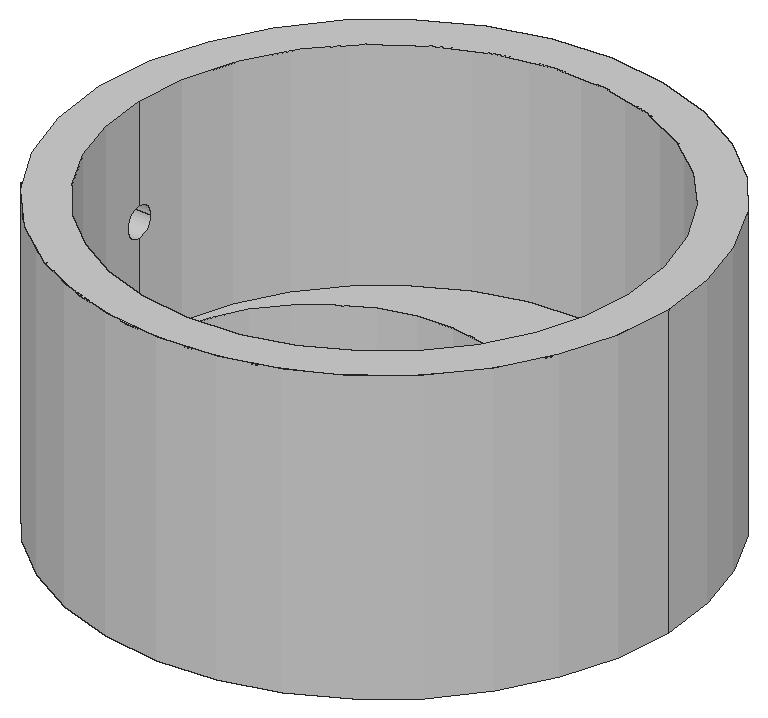
Revit family "KSP 10.6", category Фундамент несущей конструкции, Revit 2025
Family settings
  Материал для поведения модели = Прочее
  Заглушка = Нет
  Номер OmniClass = 23.25.05.00
  Заголовок OmniClass = Foundations
  На основе рабочей плоскости = Нет
  Всегда вертикально = Да
  При загрузке вырезать с полостями = Нет
  Общий = Нет
  Показывать семейство разрезанным на планах = Да
Parameters
  Петля = Петля_П1_П2 : П2
Reference planes
  plane 1 "По центру (Вперед/Назад)": y = -35
  plane 2: z = 0
  plane 3 "По центру (Влево/Вправо)": x = 0
  plane 4: z = 590
  plane 5: z = 370
  plane 6: x = -500
  plane 7: x = 500
  plane 8: x = -570
  plane 9: x = 570
  plane 10: z = 400
  plane 11: z = 340
  plane 12 "2": y = -65
  plane 13 "3": y = -5
  plane 14: x = -580
  plane 15: x = 580
  plane 16: z = 150
  plane 17: x = 210
  plane 18: x = -490
Forms (mm)
  Extrusion 1, solid, material "Бетон В15"
    sketch origin (0, 0, 0) x (1, 0, 0) y (0, 1, 0)
      loop
        circle (0, -35) r 580
      loop
        circle (0, -35) r 500
    from 0 to 590
  Extrusion 2, void
    sketch origin (0, 0, 0) x (0, 1, 0) y (0, 0, -1)
      loop
        circle (-35, -370) r 30
    from -570 to 570
  Extrusion 3, solid, material "Бетон В15"
    sketch origin (0, 0, 0) x (1, 0, 0) y (0, 1, 0)
      loop
        circle (0, -35) r 500
    from 0 to 150
  Extrusion 4, void
    sketch origin (0, 0, 0) x (1, 0, 0) y (0, 1, 0)
      loop
        circle (-140, -35) r 350
    from 0 to 150
Cuts and joins
  Extrusion 2 cuts Extrusion 1
  Extrusion 4 cuts Extrusion 3
  joined: Extrusion 1, Extrusion 3
Dimensions and locks
  plane 4 to level = 590 mm
  plane 5 to level = 370 mm
  aligned and locked: plane 2 to level
